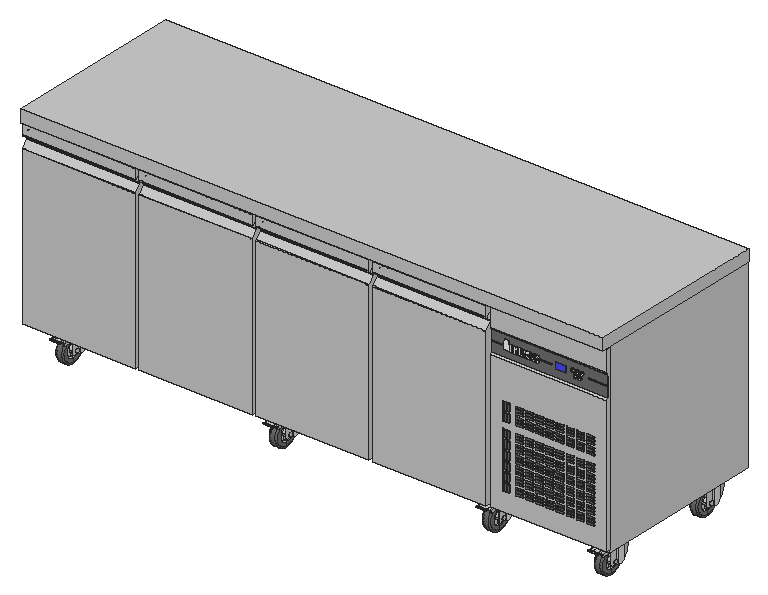
Revit family "QF_INOMAK_PNRP9999_250515103511", category Specialty Equipment, Revit 2021 (continued)
Definition of nested family "QF_INOMAK_REF_COUNTERS_DOORS_DRAWERS_35354"
  Definition of nested family "4_Drawers_1-4"
    Automatic sketch dimensions
      curve 23 to plane 5 "Front" = 0 mm
      curve 24 to plane 5 "Front" = 0 mm
      curve 21 to plane 5 "Front" = 105 mm
      curve 20 to curve 21 = 40 mm
      curve 3 to curve 20 = 100 mm
      curve 3 to curve 3 = 40 mm
      curve 10 to curve 1 = 100 mm
      curve 9 to curve 9 = 40 mm
      curve 15 to curve 8 = 100 mm
      curve 15 to curve 15 = 40 mm
      plane 11 "Right panel" to curve 24 = 30 mm
      curve 8 to curve 17 = 30 mm
      curve 11 to curve 17 = 0 mm
      curve 23 to plane 10 "Left panel" = 30 mm
      curve 12 to curve 6 = 0 mm
      curve 18 to curve 12 = 0 mm
      Extrusion 4 sketch curve to Extrusion 4 sketch curve = 0 mm  (x2)
      plane 19 to Extrusion 4 sketch curve = 0 mm
      Extrusion 4 sketch curve to plane 7 "Front legs" = 0 mm  (x2)
      plane 7 "Front legs" to Extrusion 4 sketch curve = 3 mm
      plane 7 "Front legs" to Extrusion 4 sketch curve = 3.461 mm
      plane 7 "Front legs" to Extrusion 4 sketch curve = 10 mm
      Extrusion 4 sketch curve to Extrusion 4 sketch curve = 7 mm
      plane 7 "Front legs" to Extrusion 4 sketch curve = 20 mm  (x2)
      Extrusion 4 sketch curve to Extrusion 4 sketch curve = 46.156 mm
      Extrusion 4 sketch curve to Extrusion 4 sketch curve = 15 mm
      Extrusion 4 sketch curve to Extrusion 4 sketch curve = 5.012 mm
      Extrusion 7 sketch curve to plane 10 "Left panel" = 0 mm
      Extrusion 7 sketch curve to plane 11 "Right panel" = 0 mm
      Extrusion 7 sketch curve to plane 7 "Front legs" = 0 mm
      Extrusion 7 sketch curve to plane 5 "Front" = 565 mm
      Extrusion 8 sketch curve to plane 10 "Left panel" = 0 mm
      Extrusion 8 sketch curve to plane 11 "Right panel" = 0 mm
      Extrusion 8 sketch curve to plane 7 "Front legs" = 0 mm
      Extrusion 8 sketch curve to plane 5 "Front" = 565 mm
      curve 6 to plane 10 "Left panel" = 30 mm
      curve 5 to curve 24 = 0 mm
  Definition of nested family "Hinged_Doors"
    Parameters (values of type "Hinged doors")
      URL = "www.specifiglobal.com"
      Top inset [instance] = 4 mm
      Right panel thickness [instance] = 35 mm
      Rear inset [instance] = 10 mm
      Plinth height [instance] = 150 mm
      Model = ""
      Manufacturer = "DEMO CONSULTANT"
      Length Actual [instance] = 1200 mm
      Left panel thickness [instance] = 35 mm
      Hinged doors [instance] = Doors drawers type = 3  # yes
      Height Actual [instance] = 900 mm
      Front inset [instance] = 10 mm
      Finish [instance] = none
      Doors drawers type [instance] = 3
      Description = ""
      Depth Actual [instance] = 700 mm
      Default Elevation = 0 mm
      Bottom inset [instance] = 4 mm
      Assembly Code = "E1090320"
    Reference planes
      plane 1 "Back": y = 0
      plane 2: z = 0
      plane 3 "Left": x = 0
      plane 4 "Right": x = 1200
      plane 5 "Front": y = -700
      plane 6 "Top": z = 1050
      plane 7 "Front legs": y = -690
      plane 8 "Legs top": z = 150
      plane 9 "Backsplash thickness": y = -10
      plane 10: x = 35
      plane 11: x = 1165
      plane 12 "Center Left-Right": x = 600
      plane 13: x = 597.5
      plane 14: x = 602.5
      plane 15: z = 154
      plane 16: z = 1046
    Forms (mm)
      Extrusion 1, solid, material <- "Finish", visible <- "Hinged doors"
        sketch origin (35, -2307.849, 4000) x (0, -1, 0) y (0, 0, 1)
          loop
            line (-1627.849, -2954) -> (-1637.849, -2954) -> (-1637.849, -3846) -> (-1617.849, -3846) -> (-1617.849, -3010.156)
            arc (-1617.849, -3010.156) -> (-1618.734, -3004.272) -> (-1621.31, -2998.91) r 20
            line (-1621.31, -2998.91) -> (-1634.849, -2979) -> (-1634.849, -2957) -> (-1627.849, -2957)
            arc (-1627.849, -2957) -> (-1622.899, -2959.05) -> (-1620.849, -2964) r 7
            line (-1620.849, -2964) -> (-1620.849, -2969.012) -> (-1617.849, -2969.012) -> (-1617.849, -2964)
            arc (-1617.849, -2964) -> (-1620.778, -2956.929) -> (-1627.849, -2954) r 10
        from 0 to -562.5
      Extrusion 2, solid, visible <- "Hinged doors", detail levels coarse
        sketch origin (0, -700, 154) x (-1, 0, 0) y (0, 1, 0)
          loop
            line (-35, 10) -> (-597.5, 10)
            arc (-597.5, 10) -> (-432.748, -387.748) -> (-35, -552.5) r 562.5
            line (-35, -552.5) -> (-35, 10)
        from 0 to -892
      Extrusion 3, solid, material <- "Finish", visible <- "Hinged doors"
        sketch origin (1165, -2312.576, 4000) x (0, -1, 0) y (0, 0, 1)
          loop
            line (-1632.576, -2954) -> (-1642.576, -2954) -> (-1642.576, -3846) -> (-1622.576, -3846) -> (-1622.576, -3010.156)
            arc (-1622.576, -3010.156) -> (-1623.46, -3004.272) -> (-1626.037, -2998.91) r 20
            line (-1626.037, -2998.91) -> (-1639.576, -2979) -> (-1639.576, -2957) -> (-1632.576, -2957)
            arc (-1632.576, -2957) -> (-1627.626, -2959.05) -> (-1625.576, -2964) r 7
            line (-1625.576, -2964) -> (-1625.576, -2969.012) -> (-1622.576, -2969.012) -> (-1622.576, -2964)
            arc (-1622.576, -2964) -> (-1625.504, -2956.929) -> (-1632.576, -2954) r 10
        from 0 to 562.5
      Extrusion 4, solid, visible <- "Hinged doors", detail levels coarse
        sketch origin (0, -700, 154) x (-1, 0, 0) y (0, 1, 0)
          loop
            line (-1165, 10) -> (-1165, -552.5)
            arc (-1165, -552.5) -> (-767.252, -387.748) -> (-602.5, 10) r 562.5
            line (-602.5, 10) -> (-1165, 10)
        from 0 to -892
    Lines and regions (mm)
      symbolic lines, visible <- "Hinged doors"
        curve 1: line (35, -700, 150) -> (35, -1252.5, 150)
        curve 2: arc (35, -1252.5, 150) -> (429.196, -1091.268, 150) -> (597.411, -700, 150) r 562.5
        curve 3: arc (602.589, -700, 150) -> (770.804, -1091.268, 150) -> (1165, -1252.5, 150) r 562.5
        curve 4: line (1165, -1252.5, 150) -> (1165, -700, 150)
    Dimensions and locks
      "Length Actual": plane 3 "Left" to plane 4 "Right"
      "Depth Actual": plane 5 "Front" to plane 1 "Back"
      "Height Actual": plane 6 "Top" to plane 8 "Legs top"
      "Front inset": plane 7 "Front legs" to plane 5 "Front"
      "Plinth height": plane 8 "Legs top" to plane 2
      "Rear inset": plane 9 "Backsplash thickness" to plane 1 "Back"
      "Right panel thickness": plane 11 to plane 4 "Right"
      "Left panel thickness": plane 3 "Left" to plane 10
      equal spacing: plane 10, plane 12 "Center Left-Right", plane 11
      plane 13 to plane 12 "Center Left-Right" = 2.5 mm
      plane 12 "Center Left-Right" to plane 14 = 2.5 mm
      "Bottom inset": plane 15 to plane 8 "Legs top"
      "Top inset": plane 16 to plane 6 "Top"
      aligned and locked: level to plane 2
      aligned and locked: Extrusion 1 to plane 13
      aligned and locked: plane 10 to Extrusion 2 sketch curve
      aligned and locked: plane 13 to Extrusion 2 sketch curve
      aligned and locked: plane 7 "Front legs" to Extrusion 2 sketch curve  (x2)
      aligned and locked: plane 14 to Extrusion 3
      aligned and locked: Extrusion 2 to curve 1
      aligned and locked: curve 2 to Extrusion 2
      aligned and locked: curve 3 to Extrusion 4
      aligned and locked: curve 4 to Extrusion 4
      aligned and locked: plane 5 "Front" to curve 1
      aligned and locked: plane 5 "Front" to curve 2
      aligned and locked: plane 5 "Front" to curve 3
      aligned and locked: plane 5 "Front" to curve 4
      aligned and locked: Extrusion 4 to plane 16
      aligned and locked: Extrusion 2 to plane 16
      aligned and locked: Extrusion 1 sketch curve to plane 16
      aligned and locked: Extrusion 1 sketch curve to plane 15
      aligned and locked: Extrusion 3 sketch curve to plane 15
      aligned and locked: Extrusion 3 sketch curve to plane 16
    Automatic sketch dimensions
      Extrusion 1 sketch curve to Extrusion 1 sketch curve = 0 mm  (x2)
      Extrusion 1 sketch curve to plane 7 "Front legs" = 0 mm  (x2)
      plane 7 "Front legs" to Extrusion 1 sketch curve = 3 mm
      plane 7 "Front legs" to Extrusion 1 sketch curve = 3.461 mm
      plane 7 "Front legs" to Extrusion 1 sketch curve = 10 mm
      Extrusion 1 sketch curve to Extrusion 1 sketch curve = 7 mm
      plane 7 "Front legs" to Extrusion 1 sketch curve = 20 mm  (x2)
      Extrusion 1 sketch curve to Extrusion 1 sketch curve = 46.156 mm
      Extrusion 1 sketch curve to Extrusion 1 sketch curve = 15 mm
      Extrusion 1 sketch curve to Extrusion 1 sketch curve = 5.012 mm
      Extrusion 3 sketch curve to Extrusion 3 sketch curve = 0 mm  (x2)
      Extrusion 3 sketch curve to plane 7 "Front legs" = 0 mm  (x2)
      Extrusion 3 sketch curve to Extrusion 3 sketch curve = 3 mm
      plane 7 "Front legs" to Extrusion 3 sketch curve = 3.461 mm
      plane 7 "Front legs" to Extrusion 3 sketch curve = 10 mm
      Extrusion 3 sketch curve to Extrusion 3 sketch curve = 7 mm
      Extrusion 3 sketch curve to Extrusion 3 sketch curve = 16.539 mm
      Extrusion 3 sketch curve to Extrusion 3 sketch curve = 20 mm
      Extrusion 3 sketch curve to Extrusion 3 sketch curve = 46.156 mm
      Extrusion 3 sketch curve to Extrusion 3 sketch curve = 15 mm
      Extrusion 3 sketch curve to Extrusion 3 sketch curve = 5.012 mm
      Extrusion 4 sketch curve to plane 11 = 0 mm
      Extrusion 4 sketch curve to plane 7 "Front legs" = 0 mm
      Extrusion 4 sketch curve to plane 14 = 0 mm
  Definition of nested family "Hopper"
    Parameters (values of type "Hopper")
      URL = "www.specifiglobal.com"
      Top inset [instance] = 4 mm
      Right panel thickness [instance] = 35 mm
      Rear inset [instance] = 10 mm
      Plinth height [instance] = 150 mm
      Model = ""
      Manufacturer = "DEMO CONSULTANT"
      Length Actual [instance] = 700 mm
      Left panel thickness [instance] = 35 mm
      Hopper [instance] = Doors drawers type = 10  # yes
      Height Actual [instance] = 900 mm
      Front inset [instance] = 10 mm
      Finish [instance] = none
      Doors drawers type [instance] = 10
      Description = ""
      Depth Actual [instance] = 700 mm
      Default Elevation = 0 mm
      Bottom inset [instance] = 4 mm
      Assembly Code = "E1090320"
      2 Drawers = yes
    Reference planes
      plane 1 "Back": y = 0
      plane 2: z = 0
      plane 3 "Left": x = 0
      plane 4 "Right": x = 700
      plane 5 "Front": y = -700
      plane 6 "Top": z = 1050
      plane 7 "Front legs": y = -690
      plane 8 "Legs top": z = 150
      plane 9 "Backsplash thickness": y = -10
      plane 10 "Left panel": x = 35
      plane 11 "Right panel": x = 665
      plane 12: z = 1046
      plane 13: z = 154
    Forms (mm)
      Extrusion 1, solid, material <- "Finish", visible <- "Hopper"
        sketch origin (35, 0, 0) x (0, -1, 0) y (0, 0, 1)
          loop
            line (690, 154) -> (690, 960.365)
            arc (690, 960.365) -> (689.866, 961.037) -> (689.485, 961.607) r 1.757
            line (689.485, 961.607) -> (666.663, 984.429)
            arc (666.663, 984.429) -> (665.976, 985.458) -> (665.734, 986.672) r 3.172
            line (665.734, 986.672) -> (665.734, 1013.576)
            arc (665.734, 1013.576) -> (666.433, 1015.262) -> (668.119, 1015.961) r 2.385
            line (668.119, 1015.961) -> (680.029, 1015.961) -> (686.544, 1006.657)
            arc (686.544, 1006.657) -> (688.671, 1005.935) -> (690, 1007.747) r 1.9
            line (690, 1007.747) -> (690, 1046) -> (648, 1046) -> (648, 154) -> (690, 154)
        from 0 to -630
      Extrusion 2, solid, visible <- "Hopper", detail levels coarse
        sketch origin (35, 0, 0) x (0, -1, 0) y (0, 0, 1)
          loop
            line (690, 154) -> (1265, 154) -> (1265, 1046) -> (690, 1046) -> (690, 154)
        from 0 to -630
    Lines and regions (mm)
      symbolic lines, visible <- "Hopper"
        curve 1: line (35, -1225, 900) -> (35, -1265, 900)
        curve 2: line (35, -1265, 900) -> (665, -1265, 900)
        curve 3: line (665, -1265, 900) -> (665, -1225, 900)
        curve 4: line (665, -1225, 900) -> (35, -1225, 900)
        curve 5: line (635, -1225, 900) -> (635, -700, 900)
        curve 6: line (65, -1225, 900) -> (65, -700, 900)
    Dimensions and locks
      "Length Actual": plane 3 "Left" to plane 4 "Right"
      "Depth Actual": plane 5 "Front" to plane 1 "Back"
      "Height Actual": plane 6 "Top" to plane 8 "Legs top"
      "Front inset": plane 7 "Front legs" to plane 5 "Front"
      "Plinth height": plane 8 "Legs top" to plane 2
      "Rear inset": plane 9 "Backsplash thickness" to plane 1 "Back"
      "Right panel thickness": plane 11 "Right panel" to plane 4 "Right"
      "Left panel thickness": plane 3 "Left" to plane 10 "Left panel"
      "Top inset": plane 12 to plane 6 "Top"
      "Bottom inset": plane 13 to plane 8 "Legs top"
      aligned and locked: level to plane 2
      aligned and locked: Extrusion 1 to plane 11 "Right panel"
      aligned and locked: Extrusion 2 to plane 11 "Right panel"
      aligned and locked: plane 10 "Left panel" to Extrusion 2
      aligned and locked: Extrusion 1 sketch curve to plane 12
      aligned and locked: Extrusion 1 sketch curve to Extrusion 2
      aligned and locked: Extrusion 1 sketch curve to plane 13
    Automatic sketch dimensions
      Extrusion 1 sketch curve to Extrusion 1 sketch curve = 17.734 mm
      Extrusion 1 sketch curve to Extrusion 1 sketch curve = 0.929 mm
      Extrusion 1 sketch curve to Extrusion 1 sketch curve = 2.385 mm
      Extrusion 1 sketch curve to Extrusion 1 sketch curve = 3.172 mm
      Extrusion 1 sketch curve to Extrusion 1 sketch curve = 11.91 mm
      Extrusion 1 sketch curve to Extrusion 1 sketch curve = 6.515 mm
      Extrusion 1 sketch curve to Extrusion 1 sketch curve = 1.556 mm
      Extrusion 1 sketch curve to Extrusion 1 sketch curve = 21.58 mm
      Extrusion 1 sketch curve to Extrusion 1 sketch curve = 1.242 mm
      Extrusion 1 sketch curve to Extrusion 1 sketch curve = 1.9 mm
      Extrusion 1 sketch curve to Extrusion 1 sketch curve = 0.515 mm
      Extrusion 1 sketch curve to Extrusion 1 sketch curve = 22.822 mm
      Extrusion 1 sketch curve to Extrusion 1 sketch curve = 19.985 mm
      Extrusion 1 sketch curve to Extrusion 1 sketch curve = 6.919 mm
      Extrusion 1 sketch curve to Extrusion 1 sketch curve = 30.039 mm
      Extrusion 2 sketch curve to plane 7 "Front legs" = 0 mm
      plane 13 to Extrusion 2 sketch curve = 0 mm
      plane 12 to Extrusion 2 sketch curve = 0 mm
      Extrusion 2 sketch curve to plane 5 "Front" = 565 mm
      curve 1 to plane 10 "Left panel" = 0 mm
      curve 2 to plane 11 "Right panel" = 0 mm
      curve 6 to plane 5 "Front" = 0 mm
      curve 5 to plane 5 "Front" = 0 mm
      curve 4 to plane 5 "Front" = 525 mm
      curve 3 to curve 3 = 40 mm
      plane 11 "Right panel" to curve 5 = 30 mm
      curve 6 to plane 10 "Left panel" = 30 mm
Definition of nested family "QF_INOMAK_REF_COUNTERS_WORKTOPS_44825"
  Parameters (values of type "WTWA-1545-700")
    Worktop without backsplash [instance] = Worktop type = 3  # no
    Worktop with backsplash [instance] = Worktop type = 2  # yes
    Worktop type [instance] = 2
    Worktop thickness [instance] = 46 mm
    Without worktop [instance] = or(Worktop type > 3, Worktop type < 2)  # no
    Weight [instance] = 0.00 kg
    Warranty Start Date [instance] = ""
    Warranty Duration [instance] = ""
    URL Cutsheet [instance] = ""
    URL = "www.inomak.com"
    Technical Documentation [instance] = ""
    Tag Number [instance] = ""
    Status [instance] = ""
    Specification by User [instance] = ""
    Specification by Manufacturer [instance] = ""
    Sound Level [instance] = ""
    Solid Fuel Type [instance] = ""
    Show Logo [instance] = yes
    Show Clearances [instance] = yes
    Service Life Duration [instance] = ""
    Serial Number [instance] = ""
    Seismic Rating [instance] = ""
    SMACNA No [instance] = ""
    Revision Code [instance] = ""
    Revision [instance] = ""
    Production Year [instance] = ""
    Point Load [instance] = 0
    Other Equipment Approvals [instance] = ""
    NAFEM Spec ID Number [instance] = ""
    Model Warning [instance] = ""
    Model = "WTWA"
    Masterspec [instance] = ""
    Manufacturer = "INOMAK"
    Length Actual [instance] = 1546 mm
    Item Number [instance] = ""
    Installed By [instance] = ""
    Installation Date [instance] = ""
    Identify Quantity as Lot [instance] = yes
    ID [instance] = ""
    Hygiene Approval [instance] = ""
    Height Actual [instance] = 0 mm
    Height AFF [instance] = 0 mm
    Furnished By [instance] = ""
    Foodservice Equipment Identifier [instance] = yes
    Finish [instance] = none
    ETL Approved [instance] = yes
    Description = "WORKTOP WITH UPSTAND"
    Depth Actual [instance] = 700 mm
    Default Elevation = 0 mm
    CSI MasterFormat [instance] = ""
    CE Approved [instance] = yes
    Barcode [instance] = ""
    Backsplash thickness [instance] = 20 mm
    Backsplash height [instance] = 60 mm
    Author [instance] = ""
    Asset Identifier [instance] = ""
    Assembly Code = "E1090320"
    Accessory [instance] = yes
  Types (40, lengths in mm): name | Worktop without backsplash | Worktop with backsplash | Worktop type | Worktop thickness | Without worktop | Model | Length Actual | Description | Depth Actual
    WTWT-2240-700 | yes | no | 3 | 46 | no | "WTWT" | 2242 | "STANDARD WORKTOP" | 700
    WTWA-2240-700 | no | yes | 2 | 46 | no | "WTWA" | 2242 | "WORKTOP WITH UPSTAND" | 700
    WOWT-2240-700 | no | no | 1 | 46 | yes | "WOWT" | 2242 | "WITHOUT WORKTOP" | 700
    WTWA-1790-700 | no | yes | 2 | 46 | no | "WTWA" | 1792 | "WORKTOP WITH UPSTAND" | 700
    WTWA-1345-700 | no | yes | 2 | 46 | no | "WTWA" | 1342 | "WORKTOP WITH UPSTAND" | 700
    WOWT-1790-700 | no | no | 1 | 46 | yes | "WOWT" | 1792 | "WITHOUT WORKTOP" | 700
    WOWT-1345-700 | no | no | 1 | 46 | yes | "WOWT" | 1342 | "WITHOUT WORKTOP" | 700
    WTWT-1790-700 | yes | no | 3 | 46 | no | "WTWT" | 1792 | "STANDARD WORKTOP" | 700
    WTWT-1345-700 | yes | no | 3 | 46 | no | "WTWT" | 1342 | "STANDARD WORKTOP" | 700
    WTWA-1080-700 | no | yes | 2 | 46 | no | "WTWA" | 1080 | "WORKTOP WITH UPSTAND" | 700
    WTWT-1080-700 | yes | no | 3 | 46 | no | "WTWT" | 1080 | "STANDARD WORKTOP" | 700
    WTWA-1080-700-80 | no | yes | 2 | 80 | no | "WTWA-80" | 1080 | "WORKTOP WITH UPSTAND, 80CM DEEP WORKTOP" | 700
    WTWT-1080-700-80 | yes | no | 3 | 80 | no | "WTWT-80" | 1080 | "WORKTOP WITH 80CM DEEP" | 700
    WOWT-1345-600 | no | no | 1 | 46 | yes | "WOWT" | 1342 | "WITHOUT WORKTOP" | 600
    WOWT-1790-600 | no | no | 1 | 46 | yes | "WOWT" | 1792 | "WITHOUT WORKTOP" | 600
    WOWT-2240-600 | no | no | 1 | 46 | yes | "WOWT" | 2242 | "WITHOUT WORKTOP" | 600
    WTWA-1345-600 | no | yes | 2 | 46 | no | "WTWA" | 1342 | "WORKTOP WITH UPSTAND" | 600
    WTWA-1790-600 | no | yes | 2 | 46 | no | "WTWA" | 1792 | "WORKTOP WITH UPSTAND" | 600
    WTWA-2240-600 | no | yes | 2 | 46 | no | "WTWA" | 2242 | "WORKTOP WITH UPSTAND" | 600
    WTWT-1345-600 | yes | no | 3 | 46 | no | "WTWT" | 1342 | "STANDARD WORKTOP" | 600
    WTWT-1790-600 | yes | no | 3 | 46 | no | "WTWT" | 1792 | "STANDARD WORKTOP" | 600
    WTWT-2240-600 | yes | no | 3 | 46 | no | "WTWT" | 2242 | "STANDARD WORKTOP" | 600
    WOWT-1105-700 | no | no | 1 | 46 | yes | "WOWT" | 1103 | "WITHOUT WORKTOP" | 700
    WTWA-1105-700 | no | yes | 2 | 46 | no | "WTWA" | 1103 | "WORKTOP WITH UPSTAND" | 700
    WTWT-1105-700 | yes | no | 3 | 46 | no | "WTWT" | 1103 | "STANDARD WORKTOP" | 700
    WOWT-1545-700 | no | no | 1 | 46 | yes | "WOWT" | 1546 | "WITHOUT WORKTOP" | 700
    WOWT-1995-700 | no | no | 1 | 46 | yes | "WOWT" | 1996 | "WITHOUT WORKTOP" | 700
    WTWA-1545-700 | no | yes | 2 | 46 | no | "WTWA" | 1546 | "WORKTOP WITH UPSTAND" | 700
    WTWA-1995-700 | no | yes | 2 | 46 | no | "WTWA" | 1996 | "WORKTOP WITH UPSTAND" | 700
    WTWT-1545-700 | yes | no | 3 | 46 | no | "WTWT" | 1546 | "STANDARD WORKTOP" | 700
    WTWT-1995-700 | yes | no | 3 | 46 | no | "WTWT" | 1996 | "STANDARD WORKTOP" | 700
    WTWA-1105-600 | no | yes | 2 | 46 | no | "WTWA" | 1103 | "WORKTOP WITH UPSTAND" | 600
    WTWT-1105-600 | yes | no | 3 | 46 | no | "WTWT" | 1103 | "STANDARD WORKTOP" | 600
    WOWT-1105-600 | no | no | 1 | 46 | yes | "WOWT" | 1103 | "WITHOUT WORKTOP" | 600
    WOWT-1545-600 | no | no | 1 | 46 | yes | "WOWT" | 1546 | "WITHOUT WORKTOP" | 600
    WTWA-1545-600 | no | yes | 2 | 46 | no | "WTWA" | 1546 | "WORKTOP WITH UPSTAND" | 600
    WTWT-1545-600 | yes | no | 3 | 46 | no | "WTWT" | 1546 | "STANDARD WORKTOP" | 600
    WTWT-1995-600 | yes | no | 3 | 46 | no | "WTWT" | 1996 | "STANDARD WORKTOP" | 600
    WTWA-1995-600 | no | yes | 2 | 46 | no | "WTWA" | 1996 | "WORKTOP WITH UPSTAND" | 600
    WOWT-1995-600 | no | no | 1 | 46 | yes | "WOWT" | 1996 | "WITHOUT WORKTOP" | 600
  Reference planes
    plane 1 "Back": y = 0
    plane 2: z = 0
    plane 3 "Left": x = 0
    plane 4 "Right": x = 1546
    plane 5 "Front": y = -700
    plane 6 "Top": z = 46
    plane 7 "Backsplash thickness": y = -20
    plane 8 "Worktop bottom": z = 0
    plane 9 "Upright height": z = 106
    plane 10 "Center Left Right": x = 773
  Lines and regions (mm)
    reference lines
      curve 1: line (773, 0, 106) -> (773, -20, 106)
      curve 2: line (0, -700, 46) -> (1546, -700, 46)
      curve 3: line (1546, -700, 46) -> (1546, 0, 46)
      curve 4: line (0, -700, 46) -> (0, 0, 46)
      curve 5: line (0, 0, 46) -> (1546, 0, 46)
      curve 6: line (773, 0, 0) -> (773, -700, 0)
  Dimensions and locks
    "Length Actual": plane 3 "Left" to plane 4 "Right"
    "Depth Actual": plane 5 "Front" to plane 1 "Back"
    "Backsplash thickness": plane 7 "Backsplash thickness" to plane 1 "Back"
    "Worktop thickness": plane 6 "Top" to plane 8 "Worktop bottom"
    "Backsplash height": plane 9 "Upright height" to plane 6 "Top"
    "Backsplash height": curve 1 to plane 6 "Top"
    "Depth Actual": curve 2 to plane 1 "Back"
    "Length Actual": plane 3 "Left" to curve 3
    "Length Actual": curve 4 to plane 4 "Right"
    "Depth Actual": curve 5 to plane 5 "Front"
    equal spacing: plane 3 "Left", plane 10 "Center Left Right", plane 4 "Right"
    "Height AFF": plane 8 "Worktop bottom" to plane 2
    "Height AFF": curve 6 to plane 2
    aligned and locked: level to plane 2
    aligned and locked: plane 3 "Left" to nested 1
    aligned and locked: plane 1 "Back" to nested 1
  Automatic sketch dimensions
    curve 6 to plane 1 "Back" = 0 mm
    curve 1 to plane 1 "Back" = 0 mm
    curve 1 to plane 7 "Backsplash thickness" = 0 mm
    curve 6 to plane 5 "Front" = 0 mm
  Nested families
    nested 1: "Worktop" at (0, 0, 0), Length Actual <- "Length Actual", Depth Actual <- "Depth Actual", Height AFF <- "Height AFF", Worktop thickness <- "Worktop thickness", Backsplash thickness <- "Backsplash thickness", Backsplash height <- "Backsplash height", type "without backsplash"
      with Worktop thickness 46 mm, Length Actual 1546 mm, Height AFF 0 mm, Depth Actual 700 mm, Backsplash thickness 20 mm, Backsplash height 60 mm, Worktop without backsplash no, Worktop with backsplash yes
  Definition of nested family "Worktop"
    Parameters (values of type "with backsplash")
      Worktop without backsplash = no
      Worktop with backsplash = yes
      Worktop thickness [instance] = 40 mm
      Without worktop = no
      URL = ""
      Model = ""
      Manufacturer = ""
      Length Actual [instance] = 1200 mm
      Height AFF [instance] = 860 mm
      Finish = none
      Description = "TABLE WITH BACKSPLASH"
      Depth Actual [instance] = 700 mm
      Default Elevation = 0 mm
      Backsplash thickness [instance] = 20 mm
      Backsplash height [instance] = 100 mm
      Assembly Code = "E1090320"
    Types (3, lengths in mm): name | Worktop without backsplash | Worktop with backsplash | Without worktop
      with backsplash | no | yes | no
      without backsplash | yes | no | no
      without worktop | no | no | yes
    Reference planes
      plane 1 "Back": y = 0
      plane 2: z = 0
      plane 3 "Left": x = 0
      plane 4 "Right": x = 1200
      plane 5 "Front": y = -700
      plane 6 "Top": z = 900
      plane 7 "Backsplash thickness": y = -20
      plane 8 "Worktop bottom": z = 860
      plane 9 "Upright height": z = 1000
      plane 10 "Center Left Right": x = 600
    Forms (mm)
      Extrusion 1, solid, material <- "Finish", visible <- "Worktop with backsplash"
        sketch origin (0, 0, 0) x (0, 1, 0) y (0, 0, 1)
          loop
            line (0, 1000) -> (-20, 1000) -> (-20, 900) -> (-700, 900) -> (-700, 860) -> (0, 860) -> (0, 1000)
        from 0 to 1200
      Extrusion 2, solid, material <- "Finish", visible <- "Worktop without backsplash"
        sketch origin (0, 0, 0) x (0, 1, 0) y (0, 0, 1)
          loop
            line (0, 860) -> (0, 900) -> (-700, 900) -> (-700, 860) -> (0, 860)
        from 0 to 1200
    Lines and regions (mm)
      Masking region 1, visible <- "Worktop with backsplash"
        outline origin (0, 0, 900) x (0, 1, 0) y (-1, 0, 0)
          loop
            line (0, 0) -> (-700, 0) -> (-700, -1200) -> (0, -1200) -> (0, 0)
      Masking region 2, visible <- "Worktop without backsplash"
        outline origin (0, 0, 900) x (0, 1, 0) y (-1, 0, 0)
          loop
            line (0, 0) -> (-700, 0) -> (-700, -1200) -> (0, -1200) -> (0, 0)
      symbolic lines, visible <- "Worktop with backsplash"
        curve 1: line (0, 0, 0) -> (1200, 0, 0)
        curve 2: line (1200, 0, 0) -> (1200, -700, 0)
        curve 3: line (1200, -700, 0) -> (0, -700, 0)
        curve 4: line (0, -700, 0) -> (0, 0, 0)
        curve 5: line (0, -20, 0) -> (1200, -20, 0)
      symbolic lines, visible <- "Worktop without backsplash"
        curve 6: line (0, 0, 0) -> (1200, 0, 0)
        curve 7: line (1200, 0, 0) -> (1200, -700, 0)
        curve 8: line (1200, -700, 0) -> (0, -700, 0)
        curve 9: line (0, -700, 0) -> (0, 0, 0)
      symbolic lines, visible <- "Without worktop"
        curve 10: line (0, 0, 0) -> (1200, 0, 0)
        curve 11: line (1200, 0, 0) -> (1200, -700, 0)
        curve 12: line (1200, -700, 0) -> (0, -700, 0)
        curve 13: line (0, -700, 0) -> (0, 0, 0)
      reference lines
        curve 14: line (600, 0, 1000) -> (600, -20, 1000)
        curve 15: line (0, -700, 900) -> (1200, -700, 900)
        curve 16: line (1200, -700, 900) -> (1200, 0, 900)
        curve 17: line (0, -700, 900) -> (0, 0, 900)
        curve 18: line (0, 0, 900) -> (1200, 0, 900)
        curve 19: line (600, 0, 860) -> (600, -700, 860)
    Dimensions and locks
      "Length Actual": plane 3 "Left" to plane 4 "Right"
      "Depth Actual": plane 5 "Front" to plane 1 "Back"
      "Backsplash thickness": plane 7 "Backsplash thickness" to plane 1 "Back"
      "Worktop thickness": plane 6 "Top" to plane 8 "Worktop bottom"
      "Backsplash height": plane 9 "Upright height" to plane 6 "Top"
      "Backsplash height": curve 14 to plane 6 "Top"
      "Depth Actual": curve 15 to plane 1 "Back"
      "Length Actual": plane 3 "Left" to curve 16
      "Length Actual": curve 17 to plane 4 "Right"
      "Depth Actual": curve 18 to plane 5 "Front"
      equal spacing: plane 3 "Left", plane 10 "Center Left Right", plane 4 "Right"
      "Height AFF": plane 8 "Worktop bottom" to plane 2
      "Height AFF": curve 19 to plane 2
      aligned and locked: level to plane 2
      aligned and locked: Extrusion 1 to plane 4 "Right"
      aligned and locked: Extrusion 1 sketch curve to plane 7 "Backsplash thickness"
      aligned and locked: curve 5 to plane 7 "Backsplash thickness"
      aligned and locked: Extrusion 1 sketch curve to plane 8 "Worktop bottom"
      aligned and locked: plane 9 "Upright height" to Extrusion 1 sketch curve
      aligned and locked: plane 6 "Top" to Extrusion 1 sketch curve
      aligned and locked: plane 6 "Top" to Extrusion 2 sketch curve
      aligned and locked: Extrusion 2 sketch curve to plane 1 "Back"
      aligned and locked: Extrusion 2 sketch curve to plane 8 "Worktop bottom"
      aligned and locked: Extrusion 2 sketch curve to plane 5 "Front"
      aligned and locked: Extrusion 2 to plane 4 "Right"
      aligned and locked: Masking region 1 sketch curve to Extrusion 1  (x4)
      aligned and locked: Masking region 2 sketch curve to Extrusion 1  (x4)
    Automatic sketch dimensions
      plane 1 "Back" to curve 1 = 0 mm
      curve 13 to plane 3 "Left" = 0 mm
      curve 7 to plane 4 "Right" = 0 mm
      curve 13 to plane 5 "Front" = 0 mm
      Extrusion 1 sketch curve to plane 1 "Back" = 0 mm
      Extrusion 1 sketch curve to plane 5 "Front" = 0 mm
      curve 19 to plane 1 "Back" = 0 mm
      curve 14 to plane 1 "Back" = 0 mm
      curve 14 to plane 7 "Backsplash thickness" = 0 mm
      curve 19 to plane 5 "Front" = 0 mm
      curve 16 to plane 5 "Front" = 0 mm
      curve 17 to plane 5 "Front" = 0 mm
      plane 1 "Back" to curve 17 = 0 mm
      plane 1 "Back" to curve 16 = 0 mm
      curve 15 to plane 4 "Right" = 0 mm
      curve 18 to plane 4 "Right" = 0 mm
      curve 18 to plane 3 "Left" = 0 mm
      curve 15 to plane 3 "Left" = 0 mm
Definition of nested family "QF_INOMAK_REF_COUNTERS_CASTORS_46652"
  Parameters (values of type "CT-2240-600")
    Weight [instance] = 0.00 kg
    Warranty Start Date [instance] = ""
    Warranty Duration [instance] = ""
    URL Cutsheet [instance] = ""
    URL = "www.inomak.com"
    Technical Documentation [instance] = ""
    Tag Number [instance] = ""
    Status [instance] = ""
    Specification by User [instance] = ""
    Specification by Manufacturer [instance] = ""
    Sound Level [instance] = ""
    Solid Fuel Type [instance] = ""
    Show Logo [instance] = yes
    Show Clearances [instance] = yes
    Service Life Duration [instance] = ""
    Serial Number [instance] = ""
    Seismic Rating [instance] = ""
    SMACNA No [instance] = ""
    Right offset = 70 mm
    Revision Code [instance] = ""
    Revision [instance] = ""
    Rear offset = 90 mm
    Production Year [instance] = ""
    Point Load [instance] = 0
    Other Equipment Approvals [instance] = ""
    NAFEM Spec ID Number [instance] = ""
    Model Warning [instance] = ""
    Model = "CT"
    Masterspec [instance] = ""
    Manufacturer = "INOMAK"
    Length Actual [instance] = 0 mm
    Length = 2242 mm
    Left offset = 100 mm
    Item Number [instance] = ""
    Installed By [instance] = ""
    Installation Date [instance] = ""
    Identify Quantity as Lot [instance] = yes
    ID [instance] = ""
    Hygiene Approval [instance] = ""
    Height Actual [instance] = 0 mm
    Height = 130 mm
    Furnished By [instance] = ""
    Front offset = 150 mm
    Foodservice Equipment Identifier [instance] = yes
    ETL Approved [instance] = yes
    Description = "WHEELS"
    Depth Actual [instance] = 0 mm
    Depth = 600 mm
    Default Elevation = 0 mm
    CentralLegs = if(Length > 2000 mm, 2 > 1, 2 < 1)  # yes
    CSI MasterFormat [instance] = ""
    CE Approved [instance] = yes
    Barcode [instance] = ""
    Author [instance] = ""
    Asset Identifier [instance] = ""
    Assembly Code = "E1090320"
    Accessory [instance] = yes
  Types (6, lengths in mm): name | Length | Depth | CentralLegs
    CT-2240-700 | 2242 | 700 | yes
    CT-1790-700 | 1792 | 700 | no
    CT-1345-700 | 1342 | 700 | no
    CT-1345-600 | 1342 | 600 | no
    CT-1790-600 | 1792 | 600 | no
    CT-2240-600 | 2242 | 600 | yes
  Reference planes
    plane 1 "Back": y = 0
    plane 2: z = 0
    plane 3 "Left": x = 0
    plane 4 "Right": x = 2242
    plane 5 "Front": y = -600
    plane 6 "Top": z = 130
    plane 7 "Left offset": x = 100
    plane 8 "Right offset": x = 2172
    plane 9 "Rear offset": y = -90
    plane 10 "Front offset": y = -450
    plane 11 "Central": x = 921
    plane 12: x = 1742
  Dimensions and locks
    "Length": plane 3 "Left" to plane 4 "Right"
    "Depth": plane 5 "Front" to plane 1 "Back"
    "Left offset": plane 3 "Left" to plane 7 "Left offset"
    "Right offset": plane 8 "Right offset" to plane 4 "Right"
    "Rear offset": plane 9 "Rear offset" to plane 1 "Back"
    "Front offset": plane 10 "Front offset" to plane 5 "Front"
    equal spacing: plane 7 "Left offset", plane 11 "Central", plane 12
    locked: plane 12 to plane 8 "Right offset" at 430
    plane 6 "Top" to level = 130 mm
    aligned and locked: level to plane 2
    aligned and locked: nested 1 to plane 7 "Left offset"
    aligned and locked: nested 1 to plane 10 "Front offset"
    aligned and locked: nested 2 to plane 11 "Central"
    aligned and locked: nested 2 to plane 10 "Front offset"
    aligned and locked: nested 3 to plane 12
    aligned and locked: nested 3 to plane 10 "Front offset"
    aligned and locked: nested 4 to plane 8 "Right offset"
    aligned and locked: nested 4 to plane 10 "Front offset"
    aligned and locked: nested 5 to plane 7 "Left offset"
    aligned and locked: nested 5 to plane 9 "Rear offset"
    aligned and locked: nested 6 to plane 12
    aligned and locked: nested 6 to plane 9 "Rear offset"
    aligned and locked: nested 7 to plane 8 "Right offset"
    aligned and locked: nested 7 to plane 9 "Rear offset"
  Nested families
    nested 1: "QF_INOMAK_CASTOR_BRAKES" at (100, -450, 0), type "QF_INOMAK_CASTOR_BRAKES"
    nested 2: "QF_INOMAK_CASTOR_BRAKES" at (921, -450, 0), visible <- "CentralLegs", type "QF_INOMAK_CASTOR_BRAKES"
    nested 3: "QF_INOMAK_CASTOR_BRAKES" at (1742, -450, 0), type "QF_INOMAK_CASTOR_BRAKES"
    nested 4: "QF_INOMAK_CASTOR_BRAKES" at (2172, -450, 0), type "QF_INOMAK_CASTOR_BRAKES"
    nested 5: "QF_INOMAK_CASTOR" at (100, -90, 0), type "QF_INOMAK_CASTOR"
    nested 6: "QF_INOMAK_CASTOR" at (1742, -90, 0), type "QF_INOMAK_CASTOR"
    nested 7: "QF_INOMAK_CASTOR" at (2172, -90, 0), type "QF_INOMAK_CASTOR"
  Definition of nested family "QF_INOMAK_CASTOR_BRAKES"
    Parameters (values of type "QF_INOMAK_CASTOR_BRAKES")
      Default Elevation = 0 mm
    Reference planes
      plane 1 "Center (Front/Back)": y = 0
      plane 2: z = 0
      plane 3 "Center (Left/Right)": x = 0
    Forms (mm)
      Extrusion 1, solid
        sketch origin (-55, 171.5, 124.5) x (1, 0, 0) y (0, 1, 0)
          loop
            line (12.5, -214) -> (97.5, -214)
            arc (97.5, -214) -> (104.571, -211.071) -> (107.5, -204) r 10
            line (107.5, -204) -> (107.5, -139)
            arc (107.5, -139) -> (104.571, -131.929) -> (97.5, -129) r 10
            line (97.5, -129) -> (12.5, -129)
            arc (12.5, -129) -> (5.429, -131.929) -> (2.5, -139) r 10
            line (2.5, -139) -> (2.5, -204)
            arc (2.5, -204) -> (5.429, -211.071) -> (12.5, -214) r 10
        from 0 to 5.5
      Extrusion 2, solid
        sketch origin (-55, 146, 24.5) x (1, 0, 0) y (0, 1, 0)
          loop
            circle (55, -146) r 36
          loop
            circle (55, -146) r 34
        from 12 to 100
      Extrusion 3, void
        sketch origin (-37.5, 146, -28.526) x (0, 1, 0) y (0, 0, 1)
          loop
            line (-105, 63.026) -> (-105, 139.692) -> (-158.75, 68.026)
            arc (-158.75, 68.026) -> (-160.956, 66.036) -> (-163.75, 65.026) r 7.727
            line (-163.75, 65.026) -> (-175, 65.026) -> (-175, 136.026) -> (-182, 136.026) -> (-182, 63.026) -> (-105, 63.026)
        from 0 to 75
      Revolve 4, solid
        sketch origin (0, -37.5, -3.552) x (1, 0, 0) y (0, 0, 1)
          loop
            arc (10, 3.552) -> (13.536, 5.016) -> (15, 8.552) r 5
            line (15, 8.552) -> (15, 22.052) -> (-15, 22.052) -> (-15, 8.552)
            arc (-15, 8.552) -> (-13.536, 5.016) -> (-10, 3.552) r 5
            line (-10, 3.552) -> (10, 3.552)
          axis (-15, 53.552) -> (15, 53.552)
        angle from 0 to 360
      Extrusion 5, solid
        sketch origin (-21.466, 171.5, -31.526) x (0, 1, 0) y (0, 0, 1)
          loop
            line (-200.5, 68.026) -> (-200.5, 139.026) -> (-222.5, 139.026) -> (-267.507, 126.05)
            arc (-267.507, 126.05) -> (-264.51, 121.7) -> (-259.5, 120.026) r 8.333
            line (-259.5, 120.026) -> (-224.5, 120.026) -> (-224.5, 76.026)
            arc (-224.5, 76.026) -> (-222.157, 70.369) -> (-216.5, 68.026) r 8
            line (-216.5, 68.026) -> (-200.5, 68.026)
        from -3.534 to -1.534
      Extrusion 6, solid
        sketch origin (-34, 171.5, -14) x (0, 1, 0) y (0, 0, 1)
          loop
            circle (-209, 64) r 12.5
        from 11 to 57
      Revolve 7, solid
        sketch origin (-55, -37.5, -3.552) x (1, 0, 0) y (0, 0, 1)
          loop
            arc (65, 22.052) -> (61.464, 23.516) -> (60, 27.052) r 5
            line (60, 27.052) -> (60, 53.526) -> (50, 53.526) -> (50, 27.052)
            arc (50, 27.052) -> (48.536, 23.516) -> (45, 22.052) r 5
            line (45, 22.052) -> (65, 22.052)
          axis (45, 53.526) -> (65, 53.526)
        angle from 0 to 360
      Extrusion 8, solid
        sketch origin (21.466, 171.5, -31.526) x (0, 1, 0) y (0, 0, -1)
          loop
            line (-200.5, -68.026) -> (-216.5, -68.026)
            arc (-216.5, -68.026) -> (-222.157, -70.369) -> (-224.5, -76.026) r 8
            line (-224.5, -76.026) -> (-224.5, -120.026) -> (-259.5, -120.026)
            arc (-259.5, -120.026) -> (-264.51, -121.7) -> (-267.507, -126.05) r 8.333
            line (-267.507, -126.05) -> (-222.5, -139.026) -> (-200.5, -139.026) -> (-200.5, -68.026)
        from -3.534 to -1.534
      Extrusion 9, solid
        sketch origin (250, -359.196, -27.974) x (1, 0, 0) y (0, 1, 0)
          loop
            line (-275, 330.196) -> (-273, 330.196)
            arc (-273, 330.196) -> (-273.274, 332.754) -> (-274.083, 335.196) r 12.082
            line (-274.083, 335.196) -> (-276.833, 335.196)
            arc (-276.833, 335.196) -> (-275.473, 332.858) -> (-275, 330.196) r 7.737
        from 64.474 to 135.474
      Extrusion 10, solid
        sketch origin (-250, -359.196, -27.974) x (-1, 0, 0) y (0, -1, 0)
          loop
            arc (-275, -330.196) -> (-275.473, -332.858) -> (-276.833, -335.196) r 7.737
            line (-276.833, -335.196) -> (-274.083, -335.196)
            arc (-274.083, -335.196) -> (-273.274, -332.754) -> (-273, -330.196) r 12.082
            line (-273, -330.196) -> (-275, -330.196)
        from 64.474 to 135.474
      Sweep 11, solid
        path origin (0, -359.196, -27.974) x (0, 1, 0) y (0, 0, 1)
          loop
            line (338.196, 135.474) -> (308.196, 135.474) -> (263.189, 122.499)
        profile origin (0, -36, 107.5) x (0, 0, -1) y (1, 0, 0)
          loop
            arc (-4, -21) -> (-2.828, -23.828) -> (0, -25) r 4
            line (0, -25) -> (0, -23)
            arc (0, -23) -> (-1.414, -22.414) -> (-2, -21) r 2
            line (-2, -21) -> (-2, 21)
            arc (-2, 21) -> (-1.414, 22.414) -> (0, 23) r 2
            line (0, 23) -> (0, 25)
            arc (0, 25) -> (-2.828, 23.828) -> (-4, 21) r 4
            line (-4, 21) -> (-4, -21)
      Extrusion 12, solid
        sketch origin (-15, -620.032, 471.611) x (1, 0, 0) y (0, 0.809942, -0.58651)
          loop
            line (0, 640.696) -> (0, 622.696) -> (6, 617.696) -> (24, 617.696) -> (30, 622.696) -> (30, 640.696) -> (0, 640.696)
        from 0 to 2
      Extrusion 13, solid
        sketch origin (-10, -688.801, 95.837) x (0, 1, 0) y (0, 0, 1)
          loop
            line (587.696, 0) -> (592.196, -3.259)
            arc (592.196, -3.259) -> (593.446, -3.664) -> (594.696, -3.259) r 2.131
            line (594.696, -3.259) -> (604.172, 4.031) -> (598.943, 2.532) -> (594.631, -0.785)
            arc (594.631, -0.785) -> (593.44, -1.2) -> (592.238, -0.82) r 2
            line (592.238, -0.82) -> (588.869, 1.62) -> (587.696, 0)
        from 0 to 20
      Extrusion 14, solid
        sketch origin (-31, -958.08, 50) x (0, 1, 0) y (0, 0, 1)
          loop
            line (924.33, -6.495) -> (928.08, 0) -> (924.33, 6.495) -> (916.83, 6.495) -> (913.08, 0) -> (916.83, -6.495) -> (924.33, -6.495)
        from 0 to 62
    Cuts and joins
      Extrusion 3 cuts Extrusion 2
      Extrusion 3 cuts Extrusion 9
      Extrusion 3 cuts Extrusion 10
    Dimensions and locks
      aligned and locked: level to plane 2
  Definition of nested family "QF_INOMAK_CASTOR"
    Parameters (values of type "QF_INOMAK_CASTOR")
      Default Elevation = 0 mm
    Reference planes
      plane 1 "Center (Front/Back)": y = 0
      plane 2: z = 0
      plane 3 "Center (Left/Right)": x = 0
    Forms (mm)
      Extrusion 1, solid
        sketch origin (-55, 171.5, 124.5) x (1, 0, 0) y (0, 1, 0)
          loop
            line (12.5, -214) -> (97.5, -214)
            arc (97.5, -214) -> (104.571, -211.071) -> (107.5, -204) r 10
            line (107.5, -204) -> (107.5, -139)
            arc (107.5, -139) -> (104.571, -131.929) -> (97.5, -129) r 10
            line (97.5, -129) -> (12.5, -129)
            arc (12.5, -129) -> (5.429, -131.929) -> (2.5, -139) r 10
            line (2.5, -139) -> (2.5, -204)
            arc (2.5, -204) -> (5.429, -211.071) -> (12.5, -214) r 10
        from 0 to 5.5
      Extrusion 2, solid
        sketch origin (-55, 146, 24.5) x (1, 0, 0) y (0, 1, 0)
          loop
            circle (55, -146) r 36
          loop
            circle (55, -146) r 34
        from 12 to 100
      Extrusion 3, void
        sketch origin (-37.5, 146, -28.526) x (0, 1, 0) y (0, 0, 1)
          loop
            line (-105, 63.026) -> (-105, 139.692) -> (-158.75, 68.026)
            arc (-158.75, 68.026) -> (-160.956, 66.036) -> (-163.75, 65.026) r 7.727
            line (-163.75, 65.026) -> (-175, 65.026) -> (-175, 136.026) -> (-182, 136.026) -> (-182, 63.026) -> (-105, 63.026)
        from 0 to 75
      Revolve 4, solid
        sketch origin (0, -37.5, -3.552) x (1, 0, 0) y (0, 0, 1)
          loop
            arc (10, 3.552) -> (13.536, 5.016) -> (15, 8.552) r 5
            line (15, 8.552) -> (15, 22.052) -> (-15, 22.052) -> (-15, 8.552)
            arc (-15, 8.552) -> (-13.536, 5.016) -> (-10, 3.552) r 5
            line (-10, 3.552) -> (10, 3.552)
          axis (-15, 53.552) -> (15, 53.552)
        angle from 0 to 360
      Extrusion 5, solid
        sketch origin (-21.466, 171.5, -31.526) x (0, 1, 0) y (0, 0, 1)
          loop
            line (-200.5, 68.026) -> (-200.5, 139.026) -> (-224.5, 139.026) -> (-224.5, 76.026)
            arc (-224.5, 76.026) -> (-222.157, 70.369) -> (-216.5, 68.026) r 8
            line (-216.5, 68.026) -> (-200.5, 68.026)
        from -3.534 to -1.534
      Extrusion 6, solid
        sketch origin (-34, 171.5, -14) x (0, 1, 0) y (0, 0, 1)
          loop
            circle (-209, 64) r 12.5
        from 11 to 57
      Revolve 7, solid
        sketch origin (-55, -37.5, -3.552) x (1, 0, 0) y (0, 0, 1)
          loop
            arc (65, 22.052) -> (61.464, 23.516) -> (60, 27.052) r 5
            line (60, 27.052) -> (60, 53.526) -> (50, 53.526) -> (50, 27.052)
            arc (50, 27.052) -> (48.536, 23.516) -> (45, 22.052) r 5
            line (45, 22.052) -> (65, 22.052)
          axis (45, 53.526) -> (65, 53.526)
        angle from 0 to 360
      Extrusion 8, solid
        sketch origin (21.466, 171.5, -31.526) x (0, 1, 0) y (0, 0, -1)
          loop
            line (-200.5, -68.026) -> (-216.5, -68.026)
            arc (-216.5, -68.026) -> (-222.157, -70.369) -> (-224.5, -76.026) r 8
            line (-224.5, -76.026) -> (-224.5, -139.026) -> (-200.5, -139.026) -> (-200.5, -68.026)
        from -3.534 to -1.534
      Extrusion 9, solid
        sketch origin (250, -359.196, -27.974) x (1, 0, 0) y (0, 1, 0)
          loop
            line (-275, 330.196) -> (-273, 330.196)
            arc (-273, 330.196) -> (-273.274, 332.754) -> (-274.083, 335.196) r 12.082
            line (-274.083, 335.196) -> (-276.833, 335.196)
            arc (-276.833, 335.196) -> (-275.473, 332.858) -> (-275, 330.196) r 7.737
        from 64.474 to 135.474
      Extrusion 10, solid
        sketch origin (-250, -359.196, -27.974) x (-1, 0, 0) y (0, -1, 0)
          loop
            arc (-275, -330.196) -> (-275.473, -332.858) -> (-276.833, -335.196) r 7.737
            line (-276.833, -335.196) -> (-274.083, -335.196)
            arc (-274.083, -335.196) -> (-273.274, -332.754) -> (-273, -330.196) r 12.082
            line (-273, -330.196) -> (-275, -330.196)
        from 64.474 to 135.474
      Sweep 11, solid
        path origin (0, -359.196, -27.974) x (0, 1, 0) y (0, 0, 1)
          loop
            line (338.196, 135.474) -> (306.196, 135.474)
        profile origin (0, -37, 107.5) x (0, 0, -1) y (1, 0, 0)
          loop
            arc (-4, -21) -> (-2.828, -23.828) -> (0, -25) r 4
            line (0, -25) -> (0, -23)
            arc (0, -23) -> (-1.414, -22.414) -> (-2, -21) r 2
            line (-2, -21) -> (-2, 21)
            arc (-2, 21) -> (-1.414, 22.414) -> (0, 23) r 2
            line (0, 23) -> (0, 25)
            arc (0, 25) -> (-2.828, 23.828) -> (-4, 21) r 4
            line (-4, 21) -> (-4, -21)
      Extrusion 12, solid
        sketch origin (-31, -958.08, 50) x (0, 1, 0) y (0, 0, 1)
          loop
            line (924.33, -6.495) -> (928.08, 0) -> (924.33, 6.495) -> (916.83, 6.495) -> (913.08, 0) -> (916.83, -6.495) -> (924.33, -6.495)
        from 0 to 62
    Cuts and joins
      Extrusion 3 cuts Extrusion 2
      Extrusion 3 cuts Extrusion 9
      Extrusion 3 cuts Extrusion 10
    Dimensions and locks
      aligned and locked: level to plane 2
Definition of nested family "CONN_POINT_ELE_2D___Generic_Annotation"
  Parameters (values of type "CONN_POINT_ELE_2D___Generic_Annotation")
    Onboard connection annotation symbol visibility [instance] = yes
  Reference planes
    plane 1: y = 0
    plane 2: x = 0
  Lines and regions (mm)
    detail lines, visible <- "Onboard connection annotation symbol visibility"
      curve 1: circle (0, 0, 0) r 0.5 normal (0, 0, 1)
      curve 2: line (-1, 0, 0) -> (1, 0, 0)
      curve 3: line (0, 1, 0) -> (0, -1, 0)
      curve 4: line (2.5, 1, 0) -> (1.25, 1, 0)
      curve 5: line (1.25, 1, 0) -> (1.25, -1, 0)
      curve 6: line (1.25, -1, 0) -> (2.5, -1, 0)
      curve 7: line (1.25, 0, 0) -> (2, 0, 0)
